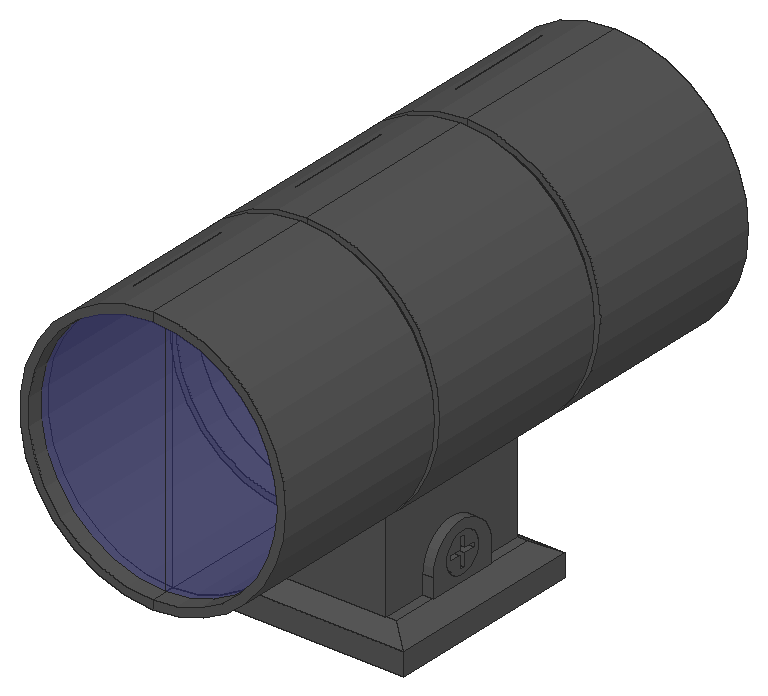
Revit family "CARLO CYLINDER LIGHT WALL MOUNT", category Lighting Fixtures, host Face, Revit 2020 (continued)
Types (10): name | Wattage_Input | Wattage Comments | Wattage | Photometric Web File | built-in parameter 1150142 | Model | built-in parameter 1150105 | Lumens | Light Length 1 | LIGHT RADIUS | LIGHT PLACEMENT | LIGHT LENGTH | LIGHT DIA | built-in parameter 1150106 | FIXED END HEIGHT | Curve base Height | Base Curve | BEAMING ANGLE | Apparent Load
    .16 713.28 728.45 744.36 761.37 779.85 800.25 822.68 848.02 \r\n 874.47 900.61 926.18 950.41 973.42 994.99 1015.4 1035 1053.7 1071.7 \r\n 1089 1105.2 1120.8 1136.1 1150.8 1164.6 1177.7 1189.9 1201.8 1214.3 \r\n 1226.3 1237 1247.1 1257.2 1267.1 1277.3 1287.5 1297.6 1307.5 1316.9 \r\n 1325.7 1333.3 1340.4 1347.5 1354.2 1360.1 1365 1368.8 1371.6 1373.3 \r\n 1374.8 1377.1 1380 1383.7 1387.8 1392.1 1396.1 1399.4 1402 1403.7 \r\n 1412.7 \r\n1391.1 1385.6 1383.3 1380.7 1377.6 1373.9 1370.5 1368 1366.1 1364.3 \r\n 1362.5 1360.5 1358 1354.5 1350.2 1344.7 1338.5 1331.9 1324.8 1317.3 \r\n 1309.4 1301.1 1292.2 1282.6 1272.6 1262.8 1253.1 1243.9 1234.8 1225.9 \r\n 1216.4 1205.6 1193.9 1181.3 1168.3 1155.3 1142.1 1128.6 1114.5 1099.4 \r\n 1083.6 1067.5 1050.8 1033.3 1015 995.74 975.25 953.28 930.02 905.62 \r\n 880 852.5 825.02 799.07 775.25 755.18 737.3 720.65 705.04 689.97 \r\n 675.46 661.45 647.72 633.95 620.41 607.41 594.58 581.53 568.63 556.25 \r\n 544.02 531.62 519.24 508.12 494.7 475.21 451.53 423.82 393.43 361.59 \r\n 328.73 295.65 262.42 229.29 196.61 164.12 133.93 108.66 86.499 65.276 \r\n 48.645 41.34 37.952 34.32 31.438 28.901 26.743 24.91 23.266 21.569 \r\n 20.087 19.105 18.337 17.568 16.866 16.231 15.647 15.092 14.578 14.107 \r\n 13.681 13.313 12.98 12.654 12.355 12.102 11.868 11.623 11.391 11.193 \r\n 11.001 10.786 10.567 10.359 10.148 9.9281 9.6908 9.4173 9.1373 8.8838 \r\n 8.6269 8.3385 8.0455 7.7688 7.499 7.2345 6.9729 6.7107 6.4504 6.1967 \r\n 5.9406 5.666 5.3998 5.1756 4.9574 4.7121 4.4644 4.2314 4.003 3.7746 \r\n 3.5466 3.3113 3.088 2.9058 2.727 2.5093 2.295 2.125 1.9613 1.7687 \r\n 1.5811 1.4278 1.2885 1.1524 1.0211 0.89175 0.76796 0.65329 0.54757 0.45146 \r\n 0.36605 0.29382 0.23126 0.17612 0.127 0.079612 0.040231 0.014693 0 0 \r\n 0 0 0 0 0 0.036488 0.084841 0.12998 0.17977 0.23674 \r\n 0.30175 0.37537 0.46094 0.56676 0.67855 0.77728 0.8855 1.0308 1.1827 1.3104 \r\n 1.4418 1.5996 1.7684 1.9384 2.1148 2.3011 2.4924 2.684 2.879 3.0745 \r\n 3.2827 3.524 3.7696 3.9882 4.2075 4.4509 4.6999 4.9404 5.1834 5.4362 \r\n 5.6958 5.9647 6.2342 6.4905 6.7512 7.039 7.3241 7.575 7.8199 8.0857 \r\n 8.3445 8.5736 8.7849 8.9799 9.1665 9.356 9.5384 9.7008 9.8631 10.046 \r\n 10.235 10.413 10.6 10.811 11.046 11.306 11.596 11.925 12.284 12.672 \r\n 13.079 13.49 13.927 14.409 14.935 15.505 16.13 16.826 17.583 18.366 \r\n 19.274 20.37 21.728 23.498 25.507 27.509 29.878 32.935 36.592 39.542 \r\n 45.75 60.011 78.526 99.108 121.71 144.88 170.67 201.64 234.8 267.77 \r\n 301.26 335.54 369.56 402.62 433.93 462.82 488.34 508.78 525.74 539.77 \r\n 552.36 565.36 578.19 590.86 603.4 615.73 628.2 641.21 654.48 667.74 \r\n 681.35 695.64 710.4 725.4 741.13 757.88 776.01 795.87 817.86 843.2 \r\n 869.77 895.81 921.35 945.85 969.21 991.01 1011.7 1031.7 1050.8 1069.1 \r\n 1086.4 1102.7 1118.4 1133.8 1148.7 1162.6 1175.7 1188 1200 1212.5 \r\n 1224.7 1235.6 1245.9 1256 1265.9 1276.1 1286.4 1296.6 1306.5 1315.9 \r\n 1324.7 1332.7 1340.2 1347.2 1353.8 1359.6 1364.8 1369 1372.2 1373.9 \r\n 1375.3 1377.5 1380.3 1383.8 1387.8 1392 1396.1 1399.7 1402.6 1404.4 \r\n 1412.7 \r\n1391.1 1384.9 1382.5 1379.8 1376.6 1372.8 1369.2 1366.9 1365 1363.3 \r\n 1361.5 1359.3 1356.4 1352.8 1348.3 1342.6 1336.2 1329.4 1322.1 1314.5 \r\n 1306.4 1297.9 1288.9 1279.3 1269.6 1260.3 1251 1241.8 1232.5 1223.4 \r\n 1213.7 1202.8 1191.1 1178.5 1165.5 1152.4 1139 1125.5 1111.4 1096.1 \r\n 1080.1 1064 1047.3 1029.7 1011.1 991.59 970.94 949.09 925.91 901.17 \r\n 875.08 847 819.23 793.89 770.91 751.39 733.9 717.35 701.82 687.09 \r\n 672.9 658.91 645.21 631.79 618.62 605.72 592.96 580.12 567.47 555.37 \r\n 543.42 531.38 519.19 507.85 493.88 473.32 448.49 420.02 389.02 356.67 \r\n 323.45 290.21 256.91 223.53 190.74 158.71 128.86 102.78 80.218 60.972 \r\n 46.58 39.962 36.774 33.34 30.581 28.21 26.17 24.306 22.622 21.019 \r\n 19.655 18.733 18.005 17.268 16.59 15.979 15.416 14.879 14.382 13.931 \r\n 13.527 13.181 12.866 12.553 12.264 12.026 11.805 11.564 11.332 11.139 \r\n 10.95 10.733 10.513 10.308 10.099 9.8705 9.6254 9.3556 9.0809 8.8268 \r\n 8.568 8.2782 7.9855 7.7144 7.4496 7.1818 6.9177 6.6637 6.4113 6.1539 \r\n 5.8931 5.622 5.3598 5.1337 4.9121 4.6631 4.4143 4.1896 3.9681 3.7318 \r\n 3.4953 3.264 3.0467 2.8655 2.686 2.4673 2.2519 2.0811 1.9182 1.7297 \r\n 1.5473 1.3989 1.2622 1.1208 0.98494 0.86168 0.74509 0.62985 0.52236 0.42791 \r\n 0.34451 0.27241 0.21019 0.15781 0.11134 0.063176 0.024324 0.0067234 0 0 \r\n 0 0 0 0 0 0.03837 0.088032 0.13105 0.17836 0.23594 \r\n 0.30071 0.36872 0.44851 0.55331 0.66509 0.762 0.86876 1.0157 1.1696 1.2984 \r\n 1.4286 1.5781 1.7413 1.9233 2.1099 2.2829 2.4606 2.6605 2.8669 3.0631 \r\n 3.2692 3.5097 3.754 3.9701 4.1864 4.4261 4.6733 4.9176 5.1651 5.4189 \r\n 5.6778 5.9437 6.2105 6.4673 6.7298 7.0196 7.3073 7.5618 7.8109 8.0801 \r\n 8.3459 8.5944 8.823 9.0162 9.1988 9.3973 9.59 9.7561 9.9194 10.102 \r\n 10.288 10.46 10.639 10.839 11.063 11.322 11.612 11.933 12.285 12.67 \r\n 13.075 13.476 13.9 14.369 14.881 15.445 16.063 16.743 17.483 18.258 \r\n 19.154 20.219 21.539 23.284 25.259 27.206 29.487 32.383 35.885 38.609 \r\n 44.954 60.644 80.326 100.29 121.33 141.88 165.22 195.4 228.45 261.43 \r\n 295.19 330.1 364.7 397.75 429.01 458.15 484.18 505.61 523.59 538.19 \r\n 551.11 564.22 576.97 589.34 601.59 613.91 626.41 639.29 652.44 665.81 \r\n 679.48 693.48 707.9 722.74 738.31 754.8 772.62 792.02 813.63 839.02 \r\n 865.7 891.62 917.08 941.8 965.48 987.5 1008.5 1028.8 1048.3 1066.8 \r\n 1084.3 1100.6 1116.3 1131.8 1146.8 1160.8 1174 1186.4 1198.5 1211.1 \r\n 1223.3 1234.4 1244.9 1254.9 1264.9 1275.2 1285.5 1295.7 1305.6 1315.1 \r\n 1324 1332.4 1340.1 1347.1 1353.5 1359.4 1364.6 1369.2 1372.8 1374.6 \r\n 1375.9 1378 1380.7 1384.1 1387.9 1392.1 1396.3 1400.1 1403.2 1405.2 \r\n 1412.7 \r\n1391.1 1385.2 1382.7 1379.9 1376.7 1372.7 1369 1366.7 1364.8 1363.2 \r\n 1361.4 1358.9 1355.8 1352.1 1347.5 1341.7 1335.1 1328.1 1320.8 1313 \r\n 1304.8 1296.1 1286.9 1277.4 1267.9 1259 1250.2 1240.9 1231.4 1222 \r\n 1212.2 1201.2 1189.4 1177 1164 1150.7 1137.2 1123.6 1109.5 1094 \r\n 1077.9 1061.8 1045.1 1027.2 1008.4 988.57 967.73 945.98 922.87 897.85 \r\n 871.37 842.81 814.83 790.14 767.98 748.9 731.69 715.2 699.7 685.27 \r\n 671.38 657.41 643.74 630.65 617.82 605.02 592.34 579.68 567.26 555.36 \r\n 543.63 531.92 519.87 508.19 493.55 472.01 446.17 416.99 385.45 352.66 \r\n 319.13 285.79 252.42 218.8 185.88 154.25 124.71 97.825 74.875 57.496 \r\n 45.185 39.054 35.886 32.572 29.899 27.661 25.716 23.804 22.069 20.555 \r\n 19.298 18.422 17.72 17.005 16.345 15.755 15.211 14.689 14.206 13.773 \r\n 13.387 13.058 12.758 12.455 12.175 11.949 11.737 11.5 11.271 11.081 \r\n 10.894 10.676 10.455 10.254 10.049 9.8136 9.5631 9.2993 9.0318 8.7771 \r\n 8.5161 8.2258 7.9344 7.6688 7.4087 7.1377 6.8709 6.6245 6.3793 6.1174 \r\n 5.8513 5.5844 5.3266 5.0982 4.8725 4.62 4.3703 4.1535 3.9384 3.6946 \r\n 3.4501 3.2234 3.0124 2.8306 2.6494 2.4309 2.2159 2.0436 1.8804 1.6965 \r\n 1.5196 1.3755 1.2406 1.0937 0.95332 0.8362 0.72668 0.61036 0.50063 0.40794 \r\n 0.32664 0.25417 0.19168 0.14163 0.097528 0.048573 0.010122 0 0 0 \r\n 0 0 0 0 0 0.040329 0.091439 0.13256 0.17768 0.23622 \r\n 0.30115 0.36407 0.43858 0.54265 0.65471 0.75037 0.85608 1.0041 1.1595 1.2895 \r\n 1.4194 1.5621 1.7208 1.9133 2.109 2.2702 2.4361 2.6437 2.8606 3.0579 \r\n 3.2623 3.5016 3.7441 3.9578 4.1716 4.4085 4.6541 4.9012 5.152 5.4067 \r\n 5.665 5.9281 6.1921 6.4494 6.7132 7.0039 7.2933 7.5507 7.8036 8.0758 \r\n 8.3482 8.6149 8.8601 9.053 9.233 9.4397 9.6415 9.8113 9.9759 10.159 \r\n 10.343 10.51 10.682 10.872 11.087 11.344 11.632 11.946 12.29 12.672 \r\n 13.072 13.465 13.879 14.335 14.836 15.394 16.006 16.673 17.401 18.17 \r\n 19.056 20.094 21.384 23.106 25.051 26.951 29.159 31.915 35.287 37.84 \r\n 44.326 61.243 81.92 101.33 121.04 139.56 161 190.58 223.55 256.58 \r\n 290.61 326.04 361.11 394.17 425.37 454.66 481.04 503.22 521.98 537.06 \r\n 550.26 563.47 576.15 588.26 600.24 612.56 625.1 637.86 650.9 664.36 \r\n 678.07 691.81 705.92 720.63 736.08 752.35 769.9 788.95 810.31 835.77 \r\n 862.57 888.35 913.7 938.6 962.53 984.78 1006 1026.7 1046.5 1065.1 \r\n 1082.7 1099.1 1114.8 1130.4 1145.4 1159.5 1172.8 1185.3 1197.5 1210.2 \r\n 1222.5 1233.6 1244.2 1254.3 1264.2 1274.5 1284.9 1295.1 1305.1 1314.5 \r\n 1323.5 1332.2 1340.3 1347.2 1353.5 1359.3 1364.6 1369.6 1373.6 1375.4 \r\n 1376.7 1378.7 1381.2 1384.5 1388.2 1392.4 1396.6 1400.6 1404 1406.1 \r\n 1412.7 \r\n1391.1 1388.4 1386 1383.1 1379.8 1375.7 1371.9 1369.3 1367.3 1365.7 \r\n 1363.9 1361.4 1358.2 1354.4 1349.8 1343.9 1337.2 1330.2 1322.8 1315 \r\n 1306.8 1298 1288.7 1279 1269.4 1260.7 1252.1 1242.8 1233.2 1223.6 \r\n 1213.6 1202.6 1190.8 1178.2 1165.2 1151.7 1138 1124.4 1110.1 1094.5 \r\n 1078.2 1062 1045.1 1027 1007.9 987.67 966.49 944.61 921.43 896.24 \r\n 869.59 840.89 812.95 788.77 767.22 748.5 731.53 715.15 699.74 685.44 \r\n 671.69 657.86 644.34 631.43 618.79 606.15 593.59 581.06 568.72 556.83 \r\n 545.09 533.52 521.45 509.22 493.82 471.48 444.85 414.93 382.79 349.7 \r\n 316 282.57 249.12 215.29 182.18 150.59 121.11 93.929 71.038 55.087 \r\n 44.279 38.508 35.343 32.086 29.44 27.28 25.395 23.454 21.691 20.245 \r\n 19.069 18.222 17.532 16.824 16.17 15.592 15.061 14.547 14.073 13.65 \r\n 13.273 12.951 12.656 12.358 12.084 11.865 11.659 11.426 11.2 11.015 \r\n 10.832 10.614 10.393 10.197 9.9963 9.7619 9.5124 9.2557 8.9944 8.7377 \r\n 8.4735 8.1844 7.8954 7.6333 7.3759 7.1032 6.835 6.5929 6.3515 6.0855 \r\n 5.8152 5.5513 5.2974 5.0686 4.8413 4.5867 4.3362 4.1241 3.9131 3.6657 \r\n 3.4176 3.1955 2.9892 2.8045 2.6199 2.4039 2.1919 2.0189 1.855 1.674 \r\n 1.5005 1.3579 1.2231 1.073 0.93032 0.8177 0.71302 0.59544 0.48384 0.39334 \r\n 0.31447 0.24156 0.17843 0.12978 0.087394 0.038805 0.0014197 0 0 0 \r\n 0 0 0 0 0.00067766 0.040708 0.091177 0.13106 0.17536 0.23527 \r\n 0.30123 0.3618 0.43389 0.53874 0.65202 0.74727 0.85225 1 1.1557 1.2878 \r\n 1.4195 1.5612 1.7194 1.9154 2.1138 2.2708 2.4327 2.6445 2.8666 3.0643 \r\n 3.2677 3.5061 3.7474 3.9593 4.1715 4.4083 4.6541 4.9001 5.1497 5.4037 \r\n 5.6616 5.9249 6.189 6.4454 6.7081 6.9972 7.2857 7.5448 7.8004 8.0742 \r\n 8.3505 8.6284 8.885 9.0823 9.2649 9.4759 9.6818 9.8538 10.02 10.206 \r\n 10.391 10.555 10.722 10.907 11.118 11.368 11.65 11.956 12.292 12.667 \r\n 13.062 13.449 13.859 14.311 14.807 15.358 15.964 16.627 17.351 18.114 \r\n 18.99 20.011 21.283 22.996 24.926 26.796 28.96 31.652 34.959 37.485 \r\n 43.919 60.697 81.19 100.36 119.87 138.41 159.94 189.61 222.67 255.82 \r\n 289.97 325.49 360.67 393.9 425.25 454.55 480.93 503.24 522.14 537.29 \r\n 550.54 563.79 576.48 588.5 600.37 612.65 625.14 637.83 650.8 664.2 \r\n 677.84 691.47 705.46 720.11 735.5 751.65 769.09 788.07 809.42 835 \r\n 861.92 887.65 912.93 937.86 961.91 984.39 1005.8 1026.7 1046.6 1065.3 \r\n 1082.9 1099.5 1115.3 1130.8 1145.8 1159.9 1173.3 1186.1 1198.5 1211.1 \r\n 1223.3 1234.5 1245 1255.1 1265 1275.2 1285.4 1295.8 1306 1315.4 \r\n 1324.4 1333.2 1341.3 1348.3 1354.5 1360.4 1365.7 1370.9 1375 1377 \r\n 1378.3 1380.2 1382.6 1385.8 1389.6 1393.8 1398 1402.1 1405.5 1407.7 \r\n 1412.7 \r\n1391.1 1394.3 1392 1389.1 1385.7 1381.6 1377.7 1374.7 1372.3 1370.6 \r\n 1368.9 1366.4 1363.3 1359.5 1354.9 1349 1342.4 1335.4 1328 1320.3 \r\n 1312.2 1303.4 1294 1283.9 1273.9 1265.2 1256.7 1247.2 1237.5 1228 \r\n 1217.9 1206.8 1194.9 1182.1 1168.8 1155.3 1141.4 1127.6 1113.2 1097.3 \r\n 1080.9 1064.4 1047.2 1028.9 1009.4 988.69 967.02 944.8 921.4 896.13 \r\n 869.55 841.04 813.39 789.58 768.4 749.96 733.21 717.03 701.75 687.43 \r\n 673.68 660.09 646.82 633.97 621.36 608.89 596.5 584.04 571.67 559.58 \r\n 547.61 535.98 523.71 510.74 494.49 471.56 444.34 413.65 380.86 347.59 \r\n 313.86 280.34 246.78 212.79 179.5 147.63 118.01 91.107 68.76 53.718 \r\n 43.752 38.239 35.111 31.858 29.186 27.054 25.197 23.249 21.485 20.087 \r\n 18.963 18.13 17.44 16.727 16.066 15.492 14.966 14.456 13.984 13.563 \r\n 13.187 12.86 12.561 12.264 11.993 11.774 11.571 11.343 11.123 10.942 \r\n 10.763 10.548 10.329 10.138 9.9432 9.7162 9.4741 9.2249 8.9682 8.7084 \r\n 8.4403 8.1535 7.8679 7.6073 7.3506 7.0777 6.8091 6.568 6.3267 6.0574 \r\n 5.7842 5.5221 5.2712 5.0441 4.8178 4.5625 4.3114 4.1006 3.8913 3.6444 \r\n 3.3974 3.1796 2.9762 2.7864 2.5971 2.3856 2.1793 2.0062 1.8413 1.6616 \r\n 1.4891 1.3455 1.2093 1.0583 0.9157 0.80576 0.70345 0.58462 0.47181 0.3839 \r\n 0.30779 0.23453 0.17059 0.12234 0.081104 0.034959 0 0 0 0 \r\n 0 0 0 0 0.00039957 0.038489 0.08706 0.12651 0.17131 0.23288 \r\n 0.30066 0.36177 0.43452 0.54163 0.65702 0.75264 0.85721 1.0034 1.1584 1.2931 \r\n 1.4287 1.5755 1.7369 1.9292 2.1239 2.2845 2.4508 2.6629 2.8841 3.0817 \r\n 3.285 3.523 3.7637 3.9744 4.1861 4.4256 4.6731 4.9143 5.1583 5.4101 \r\n 5.6678 5.9343 6.2013 6.4558 6.7148 6.9998 7.2851 7.5446 7.8017 8.0757 \r\n 8.3531 8.6348 8.8972 9.1035 9.2939 9.5056 9.7104 9.8833 10.052 10.242 \r\n 10.431 10.595 10.76 10.947 11.156 11.396 11.666 11.964 12.291 12.657 \r\n 13.044 13.431 13.843 14.297 14.794 15.338 15.937 16.607 17.336 18.089 \r\n 18.954 19.969 21.239 22.955 24.886 26.741 28.892 31.596 34.901 37.539 \r\n 43.721 58.969 78.083 97.344 117.83 138.43 162.04 192.47 225.8 259.1 \r\n 293.2 328.4 363.34 396.89 428.58 457.75 483.8 505.59 523.97 538.79 \r\n 551.85 565.08 577.84 589.95 601.88 614.05 626.42 639.1 652.05 665.24 \r\n 678.69 692.35 706.43 721.1 736.5 752.63 770.11 789.31 810.91 836.65 \r\n 863.67 889.43 914.71 939.54 963.54 986.26 1007.9 1028.8 1048.6 1067.2 \r\n 1084.8 1101.5 1117.4 1132.9 1147.8 1161.9 1175.5 1188.5 1201.2 1213.8 \r\n 1225.8 1236.8 1247.1 1257.2 1267.1 1277 1287 1297.6 1308.1 1317.6 \r\n 1326.5 1335.1 1343.1 1350.1 1356.5 1362.4 1367.8 1372.9 1377 1379.1 \r\n 1380.5 1382.3 1384.6 1388 1391.9 1396.1 1400.3 1404.3 1407.7 1409.8 \r\n 1412.7 \r\n1391.1 1400.7 1398.5 1395.5 1392 1387.9 1383.9 1380.5 1377.6 1375.8 \r\n 1374.2 1371.9 1368.9 1365.1 1360.5 1354.7 1348.3 1341.3 1334 1326.4 \r\n 1318.3 1309.5 1300.1 1289.6 1279.2 1270.4 1261.8 1252.3 1242.5 1232.9 \r\n 1222.7 1211.5 1199.5 1186.5 1173 1159.4 1145.4 1131.4 1116.8 1100.8 \r\n 1084.1 1067.4 1049.9 1031.3 1011.5 990.31 968.14 945.52 921.86 896.57 \r\n 870.13 841.93 814.65 791.19 770.31 752.08 735.5 719.51 704.36 689.97 \r\n 676.18 662.83 649.81 636.96 624.34 612.04 599.81 587.39 574.96 562.62 \r\n 550.34 538.59 526.04 512.25 495.1 471.65 443.98 412.61 379.23 345.82 \r\n 312.1 278.5 244.85 210.74 177.34 145.3 115.68 89.283 67.586 53.101 \r\n 43.564 38.184 35.057 31.774 29.057 26.926 25.08 23.128 21.367 20.007 \r\n 18.921 18.091 17.394 16.669 15.999 15.424 14.901 14.392 13.92 13.498 \r\n 13.119 12.783 12.476 12.178 11.906 11.686 11.482 11.259 11.045 10.869 \r\n 10.694 10.481 10.266 10.08 9.8914 9.6734 9.4406 9.1998 8.9484 8.6856 \r\n 8.4136 8.1296 7.8479 7.588 7.3312 7.0583 6.7894 6.5477 6.3052 6.033 \r\n 5.7577 5.4971 5.2486 5.0231 4.7979 4.5426 4.2912 4.0805 3.8719 3.6267 \r\n 3.3821 3.1684 2.9672 2.7716 2.5771 2.3713 2.1718 1.9983 1.8317 1.653 \r\n 1.4815 1.3364 1.1983 1.047 0.90507 0.79711 0.69638 0.57641 0.46269 0.37743 \r\n 0.30409 0.23056 0.16576 0.11763 0.077147 0.033035 0 0 0 0 \r\n 0 0 0 0 0.00014719 0.036067 0.082602 0.12198 0.16767 0.23092 \r\n 0.30068 0.36341 0.43791 0.54753 0.66511 0.76156 0.86611 1.0104 1.1642 1.3015 \r\n 1.4414 1.5949 1.7607 1.9472 2.1363 2.3032 2.4768 2.6875 2.9058 3.1034 \r\n 3.3071 3.5449 3.7853 3.9951 4.2068 4.4498 4.6993 4.9349 5.1724 5.4218 \r\n 5.6795 5.9498 6.22 6.4721 6.7269 7.0071 7.2887 7.548 7.8061 8.0801 \r\n 8.3579 8.6405 8.9062 9.123 9.323 9.5349 9.7377 9.9115 10.082 10.278 \r\n 10.472 10.636 10.802 10.991 11.201 11.431 11.688 11.978 12.298 12.652 \r\n 13.031 13.419 13.835 14.295 14.795 15.332 15.925 16.603 17.339 18.084 \r\n 18.938 19.956 21.231 22.955 24.892 26.742 28.892 31.629 34.954 37.749 \r\n 43.657 57.098 74.615 94.115 115.92 139.14 165.32 196.68 230.31 263.78 \r\n 297.78 332.54 367.11 400.96 432.96 461.92 487.48 508.49 526.09 540.45 \r\n 553.24 566.42 579.24 591.49 603.53 615.61 627.86 640.55 653.48 666.45 \r\n 679.72 693.45 707.67 722.39 737.84 754.01 771.59 791.13 813.08 839.02 \r\n 866.15 891.98 917.25 941.92 965.8 988.69 1010.6 1031.3 1051 1069.4 \r\n 1087 1103.8 1119.8 1135.2 1149.9 1164.1 1177.7 1191.1 1204 1216.5 \r\n 1228.3 1239.1 1249.2 1259.2 1269 1278.6 1288.4 1299.3 1310 1319.5 \r\n 1328.4 1336.8 1344.6 1351.7 1358.1 1364.1 1369.6 1374.5 1378.6 1380.8 \r\n 1382.4 1384.1 1386.3 1389.8 1393.8 1398 1402.2 1406.2 1409.4 1411.5 \r\n 1412.7 \r\n1391.1 1406.8 1404.7 1401.7 1398.1 1394.1 1389.9 1386.1 1382.8 1380.9 \r\n 137
